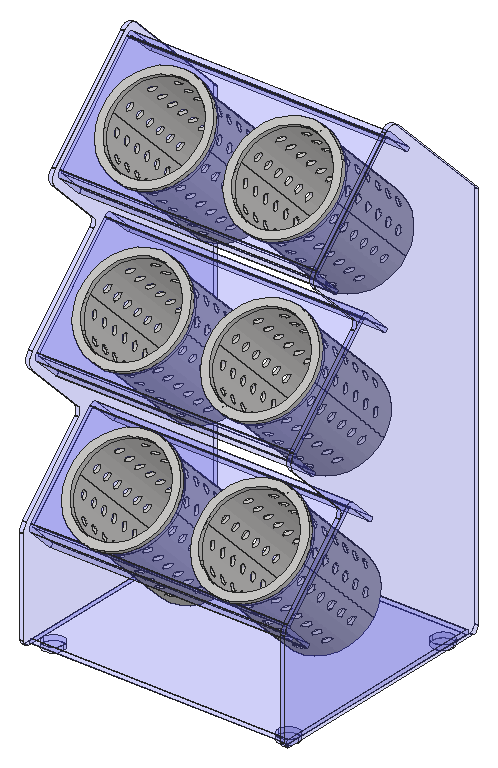
Revit family "QF_Vollrath_FWVH-3X2B", category Specialty Equipment, Revit 2016
Family settings
  Part Type = Normal
  Round Connector Dimension = Use Diameter
  OmniClass Number = 23.40.40.14.24
  OmniClass Title = Food Dispensing Equipment
  Work Plane-Based = Yes
  Always vertical = Yes
  Cut with Voids When Loaded = No
  Shared = No
  Room Calculation Point = No
Parameters
  Weight in Pounds = 0
  Watermarked By = ""
  URL Cutsheet = ""
  URL = "www.vollrath.com"
  Specification by User [instance] = ""
  Specification by Manufacturer [instance] = ""
  Serial Number [instance] = ""
  Revision Code [instance] = ""
  NAFEM Spec ID Number [instance] = ""
  Model = "FWVH-3X2B"
  Material = QF_Glass-Cast-Clear
  Masterspec [instance] = ""
  Manufacturer = "Vollrath"
  Item Number [instance] = "-"
  Installed By [instance] = ""
  Furnished By [instance] = ""
  Foodservice Equipment Identifier = yes
  Description = "Flatware Holder"
  Default Elevation = 48.00"
  CSI MasterFormat = ""
Reference planes (in)
  plane 1 "BACK": y = 0
  plane 2 "BOTTOM": z = 0
  plane 3 "LEFT": x = -16.56573
  plane 4 "RIGHT": x = -5.40573
  plane 5 "FRONT": y = -10.17
  plane 6 "BASE TOP": z = 0.2263
  plane 7 "TOP": z = 21.3263
  plane 8 "INSIDE LEFT": x = -16.39573
  plane 9: x = -5.57573
  plane 10: z = 4.7477
  plane 11: z = 4.7477
  plane 12: x = -10.98573
  plane 13: x = -13.69073
  plane 14: x = -8.28073
Forms (in)
  Extrusion 1, solid, material "QF_Glass-Cast-Clear" <- "Material"
    sketch origin (0, 0, 0) x (1, 0, 0) y (0, 1, 0)
      loop
        circle (-15.93026, -9.1882) r 0.44
      loop
        circle (-15.93026, -1.0632) r 0.44
      loop
        circle (-6.04119, -9.1882) r 0.44
      loop
        circle (-6.04119, -1.0632) r 0.44
    from 0 to 0.2263
  Extrusion 2, solid, material "QF_Glass-Cast-Clear" <- "Material"
    sketch origin (-16.56573, 0, 0) x (0, 1, 0) y (0, 0, 1)
      loop
        line (-9.92, 0.2263) -> (-0.25, 0.2263)
        arc (-0.25, 0.2263) -> (-0.07322, 0.29952) -> (0, 0.4763) r 0.25
        line (0, 0.4763) -> (0, 16.9286)
        arc (0, 16.9286) -> (-0.01141, 16.98596) -> (-0.04391, 17.0346) r 0.14991
        line (-0.04391, 17.0346) -> (-4.18916, 21.17985)
        arc (-4.18916, 21.17985) -> (-4.54272, 21.3263) -> (-4.89627, 21.17985) r 0.5
        line (-4.89627, 21.17985) -> (-8.50871, 17.56741)
        arc (-8.50871, 17.56741) -> (-8.65516, 17.21386) -> (-8.50871, 16.86031) r 0.5
        line (-8.50871, 16.86031) -> (-6.48726, 14.83886)
        arc (-6.48726, 14.83886) -> (-6.40232, 14.6338) -> (-6.48726, 14.42873) r 0.29
        line (-6.48726, 14.42873) -> (-9.71167, 11.20433)
        arc (-9.71167, 11.20433) -> (-9.85811, 10.85077) -> (-9.71167, 10.49722) r 0.5
        line (-9.71167, 10.49722) -> (-7.30169, 8.08724)
        arc (-7.30169, 8.08724) -> (-7.21675, 7.88394) -> (-7.29921, 7.67963) r 0.29
        line (-7.29921, 7.67963) -> (-10.02355, 4.88824)
        arc (-10.02355, 4.88824) -> (-10.13194, 4.72602) -> (-10.17, 4.53468) r 0.5
        line (-10.17, 4.53468) -> (-10.17, 0.4763)
        arc (-10.17, 0.4763) -> (-10.09678, 0.29952) -> (-9.92, 0.2263) r 0.25
    from 0 to 0.17
  Extrusion 3, solid, material "QF_Glass-Cast-Clear" <- "Material"
    sketch origin (-10.95573, 0, 0) x (0, 1, 0) y (0, 0, 1)
      loop
        line (-9.92, 0.2263) -> (-0.25, 0.2263)
        arc (-0.25, 0.2263) -> (-0.07322, 0.29952) -> (0, 0.4763) r 0.25
        line (0, 0.4763) -> (0, 16.9286)
        arc (0, 16.9286) -> (-0.01141, 16.98596) -> (-0.04391, 17.0346) r 0.14991
        line (-0.04391, 17.0346) -> (-4.18916, 21.17985)
        arc (-4.18916, 21.17985) -> (-4.54272, 21.3263) -> (-4.89627, 21.17985) r 0.5
        line (-4.89627, 21.17985) -> (-8.50871, 17.56741)
        arc (-8.50871, 17.56741) -> (-8.65516, 17.21386) -> (-8.50871, 16.86031) r 0.5
        line (-8.50871, 16.86031) -> (-6.48726, 14.83886)
        arc (-6.48726, 14.83886) -> (-6.40232, 14.6338) -> (-6.48726, 14.42873) r 0.29
        line (-6.48726, 14.42873) -> (-9.71167, 11.20433)
        arc (-9.71167, 11.20433) -> (-9.85811, 10.85077) -> (-9.71167, 10.49722) r 0.5
        line (-9.71167, 10.49722) -> (-7.30169, 8.08724)
        arc (-7.30169, 8.08724) -> (-7.21675, 7.88394) -> (-7.29921, 7.67963) r 0.29
        line (-7.29921, 7.67963) -> (-10.02355, 4.88824)
        arc (-10.02355, 4.88824) -> (-10.13194, 4.72602) -> (-10.17, 4.53468) r 0.5
        line (-10.17, 4.53468) -> (-10.17, 0.4763)
        arc (-10.17, 0.4763) -> (-10.09678, 0.29952) -> (-9.92, 0.2263) r 0.25
    from 5.38 to 5.55
  Extrusion 4, solid, material "QF_Glass-Cast-Clear" <- "Material"
    sketch origin (-16.39573, 0, 0) x (0, 1, 0) y (0, 0, 1)
      loop
        arc (-0.3895, 0.2263) -> (-0.29807, 0.31773) -> (-0.3895, 0.40916) r 0.09143
        line (-0.3895, 0.40916) -> (-9.78, 0.40916)
        arc (-9.78, 0.40916) -> (-9.87143, 0.31773) -> (-9.78, 0.2263) r 0.09143
        line (-9.78, 0.2263) -> (-0.3895, 0.2263)
    from 0 to 10.82
  Extrusion 5, solid, material "QF_Glass-Cast-Clear" <- "Material"
    sketch origin (-16.39573, 0, 0) x (0, 1, 0) y (0, 0, 1)
      loop
        line (-3.4467, 19.98484) -> (-4.41544, 20.95358)
        arc (-4.41544, 20.95358) -> (-4.59221, 21.0268) -> (-4.76899, 20.95358) r 0.25
        line (-4.76899, 20.95358) -> (-8.28244, 17.44013)
        arc (-8.28244, 17.44013) -> (-8.35566, 17.26336) -> (-8.28244, 17.08658) r 0.25
        line (-8.28244, 17.08658) -> (-7.3137, 16.11784)
        arc (-7.3137, 16.11784) -> (-7.18642, 16.11784) -> (-7.18642, 16.24512) r 0.09
        line (-7.18642, 16.24512) -> (-8.15516, 17.21386)
        arc (-8.15516, 17.21386) -> (-8.17566, 17.26336) -> (-8.15516, 17.31285) r 0.07
        line (-8.15516, 17.31285) -> (-4.64171, 20.8263)
        arc (-4.64171, 20.8263) -> (-4.59221, 20.8468) -> (-4.54272, 20.8263) r 0.07
        line (-4.54272, 20.8263) -> (-3.57398, 19.85756)
        arc (-3.57398, 19.85756) -> (-3.4467, 19.85756) -> (-3.4467, 19.98484) r 0.09
      loop
        line (-9.48539, 10.72349) -> (-8.51666, 9.75476)
        arc (-8.51666, 9.75476) -> (-8.38938, 9.75476) -> (-8.38938, 9.88204) r 0.09
        line (-8.38938, 9.88204) -> (-9.35811, 10.85077)
        arc (-9.35811, 10.85077) -> (-9.37862, 10.90027) -> (-9.35811, 10.94977) r 0.07
        line (-9.35811, 10.94977) -> (-5.80137, 14.50652)
        arc (-5.80137, 14.50652) -> (-5.75187, 14.52702) -> (-5.70237, 14.50652) r 0.07
        line (-5.70237, 14.50652) -> (-4.73364, 13.53778)
        arc (-4.73364, 13.53778) -> (-4.60636, 13.53778) -> (-4.60636, 13.66506) r 0.09
        line (-4.60636, 13.66506) -> (-5.57509, 14.6338)
        arc (-5.57509, 14.6338) -> (-5.75187, 14.70702) -> (-5.92865, 14.6338) r 0.25
        line (-5.92865, 14.6338) -> (-9.48539, 11.07705)
        arc (-9.48539, 11.07705) -> (-9.55862, 10.90027) -> (-9.48539, 10.72349) r 0.25
      loop
        line (-9.79728, 4.4074) -> (-8.82854, 3.43867)
        arc (-8.82854, 3.43867) -> (-8.70126, 3.43867) -> (-8.70126, 3.56595) r 0.09
        line (-8.70126, 3.56595) -> (-9.67, 4.53468)
        arc (-9.67, 4.53468) -> (-9.6905, 4.58418) -> (-9.67, 4.63368) r 0.07
        line (-9.67, 4.63368) -> (-6.58229, 7.72139)
        arc (-6.58229, 7.72139) -> (-6.53279, 7.74189) -> (-6.48329, 7.72139) r 0.07
        line (-6.48329, 7.72139) -> (-5.51455, 6.75266)
        arc (-5.51455, 6.75266) -> (-5.38728, 6.75266) -> (-5.38728, 6.87994) r 0.09
        line (-5.38728, 6.87994) -> (-6.35601, 7.84867)
        arc (-6.35601, 7.84867) -> (-6.53279, 7.92189) -> (-6.70956, 7.84867) r 0.25
        line (-6.70956, 7.84867) -> (-9.79728, 4.76096)
        arc (-9.79728, 4.76096) -> (-9.8705, 4.58418) -> (-9.79728, 4.4074) r 0.25
    from 0 to 10.82
  Extrusion 6, void
    sketch origin (-16.39573, -4.59221, 20.8758) x (0, 0.707107, 0.707107) y (-1, 0, 0)
      loop
        circle (-2.60876, -2.705) r 2.1875
    from 0.18 to -0.52411
  Extrusion 7, void
    sketch origin (-16.39573, -5.77352, 14.53436) x (0, 0.707107, 0.707107) y (-1, 0, 0)
      loop
        circle (-2.60876, -2.705) r 2.1875
    from 0.18 to -0.52411
  Extrusion 8, void
    sketch origin (-16.39573, -6.31992, 7.98376) x (0, 0.707107, 0.707107) y (-1, 0, 0)
      loop
        circle (-2.60876, -2.705) r 2.1875
    from 0.18 to -0.52411
  Extrusion 9, void
    sketch origin (-5.57573, -4.59221, 20.8758) x (0, 0.707107, 0.707107) y (-1, 0, 0)
      loop
        circle (-2.60876, 2.705) r 2.1875
    from 0.18 to -0.52411
  Extrusion 10, void
    sketch origin (-5.57573, -5.77352, 14.53436) x (0, 0.707107, 0.707107) y (-1, 0, 0)
      loop
        circle (-2.60876, 2.705) r 2.1875
    from 0.18 to -0.52411
  Extrusion 11, void
    sketch origin (-5.57573, -6.31992, 7.98376) x (0, 0.707107, 0.707107) y (-1, 0, 0)
      loop
        circle (-2.60876, 2.705) r 2.1875
    from 0.18 to -0.52411
Cuts and joins
  Extrusion 6, Extrusion 7, Extrusion 8, Extrusion 9, Extrusion 10, Extrusion 11 cuts Extrusion 5
Lines and regions (in)
  symbolic lines
    curve 1: line (-16.56573, 0, 0) -> (-16.39573, 0, 0)
    curve 2: line (-16.56573, -10.17, 0) -> (-16.56573, 0, 0)
    curve 3: line (-16.39573, -10.17, 0) -> (-16.56573, -10.17, 0)
    curve 4: line (-16.39573, 0, 0) -> (-16.39573, -10.17, 0)
    curve 5: line (-5.57573, 0, 0) -> (-5.40573, 0, 0)
    curve 6: line (-5.57573, -10.17, 0) -> (-5.57573, 0, 0)
    curve 7: line (-5.40573, -10.17, 0) -> (-5.57573, -10.17, 0)
    curve 8: line (-5.40573, 0, 0) -> (-5.40573, -10.17, 0)
    curve 9: line (-16.39573, -9.87632, 0) -> (-5.57573, -9.87632, 0)
    curve 22: line (-16.39573, -0.25, 0) -> (-5.57573, -0.25, 0)
  symbolic lines, style "QF_Details_Surface"
    curve 10: spline (-13.69073, -5.14995, 0) -> (-14.25689, -5.20266, 0) -> (-14.78448, -5.35718, 0) -> (-15.23752, -5.603, 0) -> (-15.58516, -5.92335, 0) -> (-15.80369, -6.29641, 0) -> (-15.87823, -6.69675, 0) -> (-15.80369, -7.09709, 0) -> (-15.58516, -7.47015, 0) -> (-15.23752, -7.7905, 0) -> (-14.78448, -8.03631, 0) -> (-14.25689, -8.19084, 0) -> (-13.69073, -8.24355, 0)
    curve 11: spline (-13.69073, -8.24355, 0) -> (-13.12456, -8.19084, 0) -> (-12.59698, -8.03631, 0) -> (-12.14393, -7.7905, 0) -> (-11.79629, -7.47015, 0) -> (-11.57776, -7.09709, 0) -> (-11.50323, -6.69675, 0) -> (-11.57776, -6.29641, 0) -> (-11.79629, -5.92335, 0) -> (-12.14393, -5.603, 0) -> (-12.59698, -5.35718, 0) -> (-13.12456, -5.20266, 0) -> (-13.69073, -5.14995, 0)
    curve 12: spline (-13.69073, -6.33126, 0) -> (-14.25689, -6.38397, 0) -> (-14.78448, -6.53849, 0) -> (-15.23752, -6.78431, 0) -> (-15.58516, -7.10466, 0) -> (-15.80369, -7.47772, 0) -> (-15.87823, -7.87806, 0) -> (-15.80369, -8.2784, 0) -> (-15.58516, -8.65145, 0) -> (-15.23752, -8.97181, 0) -> (-14.78448, -9.21762, 0) -> (-14.25689, -9.37215, 0) -> (-13.69073, -9.42485, 0)
    curve 13: spline (-13.69073, -9.42485, 0) -> (-13.12456, -9.37215, 0) -> (-12.59698, -9.21762, 0) -> (-12.14393, -8.97181, 0) -> (-11.79629, -8.65145, 0) -> (-11.57776, -8.2784, 0) -> (-11.50323, -7.87806, 0) -> (-11.57776, -7.47772, 0) -> (-11.79629, -7.10466, 0) -> (-12.14393, -6.78431, 0) -> (-12.59698, -6.53849, 0) -> (-13.12456, -6.38397, 0) -> (-13.69073, -6.33126, 0)
    curve 14: spline (-13.69073, -9.83867, 0) -> (-14.25689, -9.78597, 0) -> (-14.78448, -9.63144, 0) -> (-15.23752, -9.38563, 0) -> (-15.58516, -9.06527, 0) -> (-15.80369, -8.69222, 0) -> (-15.87823, -8.29188, 0) -> (-15.80369, -7.89153, 0) -> (-15.58516, -7.51848, 0) -> (-15.23752, -7.19813, 0) -> (-14.78448, -6.95231, 0) -> (-14.25689, -6.79778, 0) -> (-13.69073, -6.74508, 0)
    curve 15: spline (-13.69073, -6.74508, 0) -> (-13.12456, -6.79778, 0) -> (-12.59698, -6.95231, 0) -> (-12.14393, -7.19813, 0) -> (-11.79629, -7.51848, 0) -> (-11.57776, -7.89153, 0) -> (-11.50323, -8.29188, 0) -> (-11.57776, -8.69222, 0) -> (-11.79629, -9.06527, 0) -> (-12.14393, -9.38563, 0) -> (-12.59698, -9.63144, 0) -> (-13.12456, -9.78597, 0) -> (-13.69073, -9.83867, 0)
    curve 16: spline (-8.28073, -5.14995, 0) -> (-7.71456, -5.20266, 0) -> (-7.18698, -5.35718, 0) -> (-6.73393, -5.603, 0) -> (-6.38629, -5.92335, 0) -> (-6.16776, -6.29641, 0) -> (-6.09323, -6.69675, 0) -> (-6.16776, -7.09709, 0) -> (-6.38629, -7.47015, 0) -> (-6.73393, -7.7905, 0) -> (-7.18698, -8.03631, 0) -> (-7.71456, -8.19084, 0) -> (-8.28073, -8.24355, 0)
    curve 17: spline (-8.28073, -8.24355, 0) -> (-8.84689, -8.19084, 0) -> (-9.37448, -8.03631, 0) -> (-9.82752, -7.7905, 0) -> (-10.17516, -7.47015, 0) -> (-10.39369, -7.09709, 0) -> (-10.46823, -6.69675, 0) -> (-10.39369, -6.29641, 0) -> (-10.17516, -5.92335, 0) -> (-9.82752, -5.603, 0) -> (-9.37448, -5.35718, 0) -> (-8.84689, -5.20266, 0) -> (-8.28073, -5.14995, 0)
    curve 18: spline (-8.28073, -6.33126, 0) -> (-7.71456, -6.38397, 0) -> (-7.18698, -6.53849, 0) -> (-6.73393, -6.78431, 0) -> (-6.38629, -7.10466, 0) -> (-6.16776, -7.47772, 0) -> (-6.09323, -7.87806, 0) -> (-6.16776, -8.2784, 0) -> (-6.38629, -8.65145, 0) -> (-6.73393, -8.97181, 0) -> (-7.18698, -9.21762, 0) -> (-7.71456, -9.37215, 0) -> (-8.28073, -9.42485, 0)
    curve 19: spline (-8.28073, -9.42485, 0) -> (-8.84689, -9.37215, 0) -> (-9.37448, -9.21762, 0) -> (-9.82752, -8.97181, 0) -> (-10.17516, -8.65145, 0) -> (-10.39369, -8.2784, 0) -> (-10.46823, -7.87806, 0) -> (-10.39369, -7.47772, 0) -> (-10.17516, -7.10466, 0) -> (-9.82752, -6.78431, 0) -> (-9.37448, -6.53849, 0) -> (-8.84689, -6.38397, 0) -> (-8.28073, -6.33126, 0)
    curve 20: spline (-8.28073, -9.83867, 0) -> (-7.71456, -9.78597, 0) -> (-7.18698, -9.63144, 0) -> (-6.73393, -9.38563, 0) -> (-6.38629, -9.06527, 0) -> (-6.16776, -8.69222, 0) -> (-6.09323, -8.29188, 0) -> (-6.16776, -7.89153, 0) -> (-6.38629, -7.51848, 0) -> (-6.73393, -7.19813, 0) -> (-7.18698, -6.95231, 0) -> (-7.71456, -6.79778, 0) -> (-8.28073, -6.74508, 0)
    curve 21: spline (-8.28073, -6.74508, 0) -> (-8.84689, -6.79778, 0) -> (-9.37448, -6.95231, 0) -> (-9.82752, -7.19813, 0) -> (-10.17516, -7.51848, 0) -> (-10.39369, -7.89153, 0) -> (-10.46823, -8.29188, 0) -> (-10.39369, -8.69222, 0) -> (-10.17516, -9.06527, 0) -> (-9.82752, -9.38563, 0) -> (-9.37448, -9.63144, 0) -> (-8.84689, -9.78597, 0) -> (-8.28073, -9.83867, 0)
Dimensions and locks (in)
  plane 3 "LEFT" to plane 4 "RIGHT" = 11.16"
  plane 5 "FRONT" to plane 1 "BACK" = 10.17"
  locked: plane 6 "BASE TOP" to level at 0.2263
  plane 7 "TOP" to plane 6 "BASE TOP" = 21.10"
  locked: plane 3 "LEFT" to plane 8 "INSIDE LEFT" at 0.17
  locked: plane 9 to plane 4 "RIGHT" at 0.17
  locked: plane 10 to level at 4.7477
  equal spacing: plane 3 "LEFT", plane 12, plane 4 "RIGHT"
  equal spacing: plane 8 "INSIDE LEFT", plane 13, plane 12
  equal spacing: plane 12, plane 14, plane 9
  radius of Extrusion 1 sketch curve = 0.44"
  aligned and locked: level to plane 2 "BOTTOM"
  aligned and locked: plane 6 "BASE TOP" to Extrusion 1
  aligned and locked: plane 8 "INSIDE LEFT" to Extrusion 2
  aligned and locked: plane 4 "RIGHT" to Extrusion 3
  aligned and locked: Extrusion 3 to plane 9
  aligned and locked: plane 9 to Extrusion 4
  aligned and locked: curve 1 to Extrusion 2
  aligned and locked: curve 2 to Extrusion 2
  aligned and locked: curve 3 to Extrusion 2
  aligned and locked: curve 4 to Extrusion 2
  aligned and locked: curve 5 to Extrusion 3
  aligned and locked: curve 6 to Extrusion 3
  aligned and locked: curve 7 to Extrusion 3
  aligned and locked: curve 8 to Extrusion 3
  aligned and locked: plane 9 to cut or joined group of Extrusion 5, Extrusion 6, Extrusion 7, Extrusion 8, Extrusion 9, Extrusion 10, Extrusion 11
Automatic sketch dimensions
  Extrusion 5 sketch curve to Extrusion 5 sketch curve = 0.00"  (x18)
  plane 5 "FRONT" to Extrusion 5 sketch curve = 0.37272"
  Extrusion 5 sketch curve to Extrusion 5 sketch curve = 0.12728"  (x13)
  Extrusion 5 sketch curve to Extrusion 5 sketch curve = 0.0495"  (x14)
  plane 5 "FRONT" to Extrusion 5 sketch curve = 0.68461"
  plane 5 "FRONT" to Extrusion 5 sketch curve = 1.34146"
  Extrusion 5 sketch curve to Extrusion 5 sketch curve = 0.06364"  (x17)
  Extrusion 5 sketch curve to Extrusion 5 sketch curve = 0.96874"  (x10)
  plane 5 "FRONT" to Extrusion 5 sketch curve = 1.88756"
  Extrusion 5 sketch curve to Extrusion 5 sketch curve = 1.80709"
  Extrusion 5 sketch curve to Extrusion 5 sketch curve = 1.38505"
  Extrusion 5 sketch curve to plane 7 "TOP" = 0.37272"  (x2)
  plane 1 "BACK" to Extrusion 5 sketch curve = 4.76899"
  Extrusion 5 sketch curve to plane 7 "TOP" = 0.50"  (x2)
  Extrusion 5 sketch curve to plane 7 "TOP" = 1.46874"
  Extrusion 5 sketch curve to plane 7 "TOP" = 1.34146"
  Extrusion 5 sketch curve to plane 7 "TOP" = 3.88617"
  Extrusion 5 sketch curve to Extrusion 5 sketch curve = 1.48405"
  Extrusion 5 sketch curve to Extrusion 5 sketch curve = 3.55675"
  Extrusion 5 sketch curve to Extrusion 5 sketch curve = 2.03337"
  Extrusion 5 sketch curve to Extrusion 5 sketch curve = 3.08771"
  Extrusion 7 sketch curve to Extrusion 7 sketch curve = 0.00"  (x2)
  Extrusion 7 sketch curve to plane 13 = 0.00"
  Extrusion 7 sketch curve to Extrusion 7 sketch curve = 2.1875"
  Extrusion 8 sketch curve to Extrusion 8 sketch curve = 0.00"  (x2)
  Extrusion 8 sketch curve to plane 13 = 0.00"
  Extrusion 8 sketch curve to Extrusion 8 sketch curve = 2.1875"
  Extrusion 10 sketch curve to Extrusion 10 sketch curve = 0.00"  (x2)
  Extrusion 10 sketch curve to plane 14 = 0.00"
  Extrusion 10 sketch curve to Extrusion 10 sketch curve = 2.1875"
  Extrusion 11 sketch curve to Extrusion 11 sketch curve = 0.00"  (x2)
  Extrusion 11 sketch curve to plane 14 = 0.00"
  Extrusion 11 sketch curve to Extrusion 11 sketch curve = 2.1875"
  plane 8 "INSIDE LEFT" to Extrusion 1 sketch curve = 0.46546"  (x2)
  Extrusion 1 sketch curve to plane 9 = 0.46546"  (x2)
  plane 5 "FRONT" to Extrusion 1 sketch curve = 0.9818"  (x2)
  plane 1 "BACK" to Extrusion 1 sketch curve = 1.0632"  (x2)
  Extrusion 2 sketch curve to plane 5 "FRONT" = 0.00"
  Extrusion 2 sketch curve to plane 6 "BASE TOP" = 0.00"
  Extrusion 2 sketch curve to plane 1 "BACK" = 0.00"
  plane 5 "FRONT" to Extrusion 2 sketch curve = 0.14645"
  plane 5 "FRONT" to Extrusion 2 sketch curve = 0.25"
  plane 5 "FRONT" to Extrusion 2 sketch curve = 0.45833"  (x2)
  Extrusion 2 sketch curve to plane 10 = 0.21302"
  plane 5 "FRONT" to Extrusion 2 sketch curve = 0.50"
  Extrusion 2 sketch curve to Extrusion 2 sketch curve = 0.35355"  (x6)
  plane 5 "FRONT" to Extrusion 2 sketch curve = 1.66129"
  Extrusion 2 sketch curve to Extrusion 2 sketch curve = 0.00"
  plane 5 "FRONT" to Extrusion 2 sketch curve = 2.66325"
  Extrusion 2 sketch curve to Extrusion 2 sketch curve = 0.20506"  (x4)
  Extrusion 2 sketch curve to Extrusion 2 sketch curve = 0.20754"
  Extrusion 2 sketch curve to Extrusion 2 sketch curve = 1.81639"
  Extrusion 2 sketch curve to plane 7 "TOP" = 0.14645"  (x2)
  plane 1 "BACK" to Extrusion 2 sketch curve = 4.89627"
  plane 1 "BACK" to Extrusion 2 sketch curve = 0.25"
  plane 1 "BACK" to Extrusion 2 sketch curve = 0.14991"
  plane 1 "BACK" to Extrusion 2 sketch curve = 0.04391"
  plane 10 to Extrusion 2 sketch curve = 2.93193"
  Extrusion 2 sketch curve to Extrusion 2 sketch curve = 0.20255"
  Extrusion 2 sketch curve to Extrusion 2 sketch curve = 2.40998"
  Extrusion 2 sketch curve to Extrusion 2 sketch curve = 3.22441"
  Extrusion 2 sketch curve to Extrusion 2 sketch curve = 2.02145"
  Extrusion 2 sketch curve to plane 7 "TOP" = 4.3977"
  Extrusion 3 sketch curve to plane 5 "FRONT" = 0.00"
  Extrusion 3 sketch curve to plane 6 "BASE TOP" = 0.00"
  Extrusion 3 sketch curve to plane 1 "BACK" = 0.00"
  plane 5 "FRONT" to Extrusion 3 sketch curve = 0.14645"
  plane 5 "FRONT" to Extrusion 3 sketch curve = 0.25"
  plane 5 "FRONT" to Extrusion 3 sketch curve = 0.45833"  (x2)
  Extrusion 3 sketch curve to plane 11 = 0.21302"
  Extrusion 3 sketch curve to Extrusion 3 sketch curve = 0.35355"  (x6)
  plane 5 "FRONT" to Extrusion 3 sketch curve = 1.66129"
  Extrusion 3 sketch curve to Extrusion 3 sketch curve = 0.00"
  plane 5 "FRONT" to Extrusion 3 sketch curve = 2.66325"
  Extrusion 3 sketch curve to Extrusion 3 sketch curve = 0.20506"  (x4)
  Extrusion 3 sketch curve to Extrusion 3 sketch curve = 0.20754"
  Extrusion 3 sketch curve to Extrusion 3 sketch curve = 1.81639"
  Extrusion 3 sketch curve to plane 7 "TOP" = 0.14645"  (x2)
  plane 1 "BACK" to Extrusion 3 sketch curve = 4.89627"
  plane 1 "BACK" to Extrusion 3 sketch curve = 0.25"
  plane 1 "BACK" to Extrusion 3 sketch curve = 0.14991"
  plane 1 "BACK" to Extrusion 3 sketch curve = 0.04391"
  plane 11 to Extrusion 3 sketch curve = 2.93193"
  Extrusion 3 sketch curve to Extrusion 3 sketch curve = 0.20255"
  Extrusion 3 sketch curve to Extrusion 3 sketch curve = 2.40998"
  Extrusion 3 sketch curve to Extrusion 3 sketch curve = 3.22441"
  Extrusion 3 sketch curve to Extrusion 3 sketch curve = 2.02145"
  Extrusion 3 sketch curve to plane 7 "TOP" = 4.3977"
  Extrusion 3 sketch curve to plane 7 "TOP" = 0.50"
  Extrusion 4 sketch curve to plane 6 "BASE TOP" = 0.00"
  plane 5 "FRONT" to Extrusion 4 sketch curve = 0.39"
  plane 6 "BASE TOP" to Extrusion 4 sketch curve = 0.18286"
  plane 1 "BACK" to Extrusion 4 sketch curve = 0.3895"
  Extrusion 6 sketch curve to Extrusion 6 sketch curve = 0.00"  (x2)
  Extrusion 6 sketch curve to Extrusion 5 = 2.43"
  Extrusion 6 sketch curve to Extrusion 5 = 2.705"
  Extrusion 6 sketch curve to Extrusion 5 = 0.2425"
  Extrusion 9 sketch curve to Extrusion 9 sketch curve = 0.00"  (x2)
  Extrusion 9 sketch curve to Extrusion 5 = 2.43"
  Extrusion 9 sketch curve to Extrusion 5 = 2.705"
  Extrusion 9 sketch curve to Extrusion 5 = 0.2425"
  curve 15 to plane 13 = 0.00"
  curve 13 to plane 13 = 0.00"
  curve 10 to plane 13 = 0.00"
  curve 20 to plane 14 = 0.00"
  curve 16 to plane 14 = 0.00"
  curve 18 to plane 14 = 0.00"
  curve 12 to plane 12 = 0.5175"
  curve 11 to plane 12 = 0.5175"
  curve 10 to curve 11 = 0.00"
  curve 13 to curve 12 = 0.00"
  curve 14 to curve 12 = 0.00"
  curve 15 to curve 14 = 0.00"
  plane 12 to curve 18 = 0.5175"
  plane 12 to curve 16 = 0.5175"
  curve 19 to curve 18 = 0.00"
  curve 20 to curve 18 = 0.00"
  curve 21 to curve 20 = 0.00"
  curve 17 to curve 16 = 0.00"
  plane 5 "FRONT" to curve 9 = 0.29368"
  plane 5 "FRONT" to curve 15 = 0.33133"
  plane 5 "FRONT" to curve 21 = 0.33133"
  curve 14 to curve 12 = 0.41382"  (x2)
  curve 20 to curve 19 = 0.41382"  (x2)
  plane 5 "FRONT" to curve 15 = 1.87812"
  curve 14 to curve 21 = 0.00"
  curve 14 to curve 10 = 0.04833"  (x2)
  curve 20 to curve 17 = 0.04833"
  curve 20 to curve 16 = 0.04833"
  plane 1 "BACK" to curve 22 = 0.25"
  radius of Extrusion 1 sketch curve = 0.44"  (x3)
Nested families (in)
  nested 1: "QF_Vollrath_Flatware Cylinder-1" at (-13.69073, -18.2779, 7.44467) x (0, -0.7071, -0.7071) z (0, -0.7071, 0.7071), type "QF_Vollrath_Flatware Cylinder-1"
    with Outer Lid Radius 2.1875", Material QF_Stainless-Polished, Lower Outer Radius 2.00", Inner Radius 1.875"
  nested 2: "QF_Vollrath_Flatware Cylinder-1" at (-13.69073, -19.45921, 1.10323) x (0, -0.7071, -0.7071) z (0, -0.7071, 0.7071), type "QF_Vollrath_Flatware Cylinder-1"
    with Outer Lid Radius 2.1875", Material QF_Stainless-Polished, Lower Outer Radius 2.00", Inner Radius 1.875"
  nested 3: "QF_Vollrath_Flatware Cylinder-1" at (-13.69073, -20.00561, -5.44738) x (0, -0.7071, -0.7071) z (0, -0.7071, 0.7071), type "QF_Vollrath_Flatware Cylinder-1"
    with Outer Lid Radius 2.1875", Material QF_Stainless-Polished, Lower Outer Radius 2.00", Inner Radius 1.875"
  nested 4: "QF_Vollrath_Flatware Cylinder-1" at (-8.28073, -18.2779, 7.44467) x (0, -0.7071, -0.7071) z (0, -0.7071, 0.7071), type "QF_Vollrath_Flatware Cylinder-1"
    with Outer Lid Radius 2.1875", Material QF_Stainless-Polished, Lower Outer Radius 2.00", Inner Radius 1.875"
  nested 5: "QF_Vollrath_Flatware Cylinder-1" at (-8.28073, -19.45921, 1.10323) x (0, -0.7071, -0.7071) z (0, -0.7071, 0.7071), type "QF_Vollrath_Flatware Cylinder-1"
    with Outer Lid Radius 2.1875", Material QF_Stainless-Polished, Lower Outer Radius 2.00", Inner Radius 1.875"
  nested 6: "QF_Vollrath_Flatware Cylinder-1" at (-8.28073, -20.00561, -5.44738) x (0, -0.7071, -0.7071) z (0, -0.7071, 0.7071), type "QF_Vollrath_Flatware Cylinder-1"
    with Outer Lid Radius 2.1875", Material QF_Stainless-Polished, Lower Outer Radius 2.00", Inner Radius 1.875"
Definition of nested family "QF_Vollrath_Flatware Cylinder-1"
  Parameters
    Watermarked By = ""
    Outer Lid Radius [instance] = Inner Radius + 0.3125"  # 2.1875"
    Material [instance] = none
    Lower Outer Radius [instance] = Inner Radius + 0.125"  # 2.00"
    Inner Radius [instance] = 1.875"
    Default Elevation = 48.00"
  Reference planes (in)
    plane 1 "BACK": y = 0
    plane 2: z = 0
    plane 3 "LEFT": x = -16.56573
    plane 4 "TOP": z = 0.1875
    plane 5 "BOTTOM": z = -5.4504
  Forms (in)
    Extrusion 1, solid, material <- "Material"
      sketch origin (0, 0, 0) x (1, 0, 0) y (0, 1, 0)
        loop
          circle (-16.56573, 0) r 2.1875
        loop
          circle (-16.56573, 0) r 1.875
      from 0 to 0.1875
    Extrusion 2, solid, material <- "Material"
      sketch origin (0, 0, -5.4504) x (0, 1, 0) y (-1, 0, 0)
        loop
          circle (0, 16.56573) r 1.875
        loop
          circle (0, 16.56573) r 2
      from 0 to 5.4504
    Extrusion 3, solid, material <- "Material"
      sketch origin (0, 0, -5.4504) x (0, 1, 0) y (-1, 0, 0)
        loop
          circle (0, 16.56573) r 1.875
      from 0 to 0.125
    Extrusion 4, void
      sketch origin (-0.56446, -4.28753, 0) x (0.965926, -0.258819, 0) y (0, 0, 1)
        loop
          circle (-16.56573, -0.6875) r 0.1875
        loop
          circle (-16.56573, -1.4375) r 0.1875
        loop
          circle (-16.56573, -2.1875) r 0.1875
        loop
          circle (-16.56573, -2.9375) r 0.1875
        loop
          circle (-16.56573, -3.6875) r 0.1875
        loop
          circle (-16.56573, -4.4375) r 0.1875
      from -12 to 12
    Extrusion 5, void
      sketch origin (-4.85199, -11.71374, 0) x (0.707107, -0.707107, 0) y (0, 0, 1)
        loop
          circle (-16.56573, -0.6875) r 0.1875
        loop
          circle (-16.56573, -1.4375) r 0.1875
        loop
          circle (-16.56573, -2.1875) r 0.1875
        loop
          circle (-16.56573, -2.9375) r 0.1875
        loop
          circle (-16.56573, -3.6875) r 0.1875
        loop
          circle (-16.56573, -4.4375) r 0.1875
      from -12 to 12
    Extrusion 6, void
      sketch origin (-12.2782, -16.00126, 0) x (0.258819, -0.965926, 0) y (0, 0, 1)
        loop
          circle (-16.56573, -0.6875) r 0.1875
        loop
          circle (-16.56573, -1.4375) r 0.1875
        loop
          circle (-16.56573, -2.1875) r 0.1875
        loop
          circle (-16.56573, -2.9375) r 0.1875
        loop
          circle (-16.56573, -3.6875) r 0.1875
        loop
          circle (-16.56573, -4.4375) r 0.1875
      from -12 to 12
    Extrusion 7, void
      sketch origin (-20.85325, -16.00126, 0) x (-0.258819, -0.965926, 0) y (0, 0, 1)
        loop
          circle (-16.56573, -0.6875) r 0.1875
        loop
          circle (-16.56573, -1.4375) r 0.1875
        loop
          circle (-16.56573, -2.1875) r 0.1875
        loop
          circle (-16.56573, -2.9375) r 0.1875
        loop
          circle (-16.56573, -3.6875) r 0.1875
        loop
          circle (-16.56573, -4.4375) r 0.1875
      from -12 to 12
    Extrusion 8, void
      sketch origin (-28.27946, -11.71374, 0) x (-0.707107, -0.707107, 0) y (0, 0, 1)
        loop
          circle (-16.56573, -0.6875) r 0.1875
        loop
          circle (-16.56573, -1.4375) r 0.1875
        loop
          circle (-16.56573, -2.1875) r 0.1875
        loop
          circle (-16.56573, -2.9375) r 0.1875
        loop
          circle (-16.56573, -3.6875) r 0.1875
        loop
          circle (-16.56573, -4.4375) r 0.1875
      from -12 to 12
    Extrusion 9, void
      sketch origin (-32.56699, -4.28753, 0) x (-0.965926, -0.258819, 0) y (0, 0, 1)
        loop
          circle (-16.56573, -0.6875) r 0.1875
        loop
          circle (-16.56573, -1.4375) r 0.1875
        loop
          circle (-16.56573, -2.1875) r 0.1875
        loop
          circle (-16.56573, -2.9375) r 0.1875
        loop
          circle (-16.56573, -3.6875) r 0.1875
        loop
          circle (-16.56573, -4.4375) r 0.1875
      from -12 to 12
  Cuts and joins
    Extrusion 4, Extrusion 5, Extrusion 6, Extrusion 7, Extrusion 8, Extrusion 9 cuts Extrusion 1
    Extrusion 4, Extrusion 5, Extrusion 6, Extrusion 7, Extrusion 8, Extrusion 9 cuts Extrusion 2
    joined: Extrusion 1, Extrusion 2
  Lines and regions (in)
    symbolic lines
      curve 1: arc (-14.37823, 0, -5.4504) -> (-16.56573, 2.1875, -5.4504) -> (-18.75323, 0, -5.4504) r 2.1875
      curve 2: arc (-18.75323, 0, -5.4504) -> (-16.56573, -2.1875, -5.4504) -> (-14.37823, 0, -5.4504) r 2.1875
      curve 3: arc (-14.69073, 0, -5.4504) -> (-16.56573, -1.875, -5.4504) -> (-18.44073, 0, -5.4504) r 1.875
      curve 4: arc (-18.44073, 0, -5.4504) -> (-16.56573, 1.875, -5.4504) -> (-14.69073, 0, -5.4504) r 1.875
  Dimensions and locks (in)
    locked: plane 4 "TOP" to level at 0.1875
    locked: level to plane 5 "BOTTOM" at 5.4504
    "Outer Lid Radius": radius of Extrusion 1 sketch curve
    "Inner Radius": radius of Extrusion 1 sketch curve
    "Inner Radius": radius of Extrusion 2 sketch curve
    "Lower Outer Radius": radius of Extrusion 2 sketch curve
    "Inner Radius": radius of Extrusion 3 sketch curve
    aligned and locked: level to plane 2
    aligned and locked: plane 4 "TOP" to Extrusion 1
    aligned and locked: level to Extrusion 2
    aligned and locked: curve 1 to cut or joined group 1 (Extrusion 1, Extrusion 2, Extrusion 4, Extrusion 5, Extrusion 6, Extrusion 7, Extrusion 8, Extrusion 9)
    aligned and locked: curve 2 to cut or joined group 1
    aligned and locked: curve 3 to cut or joined group 1
    aligned and locked: curve 4 to cut or joined group 1
  Automatic sketch dimensions
    Extrusion 4 sketch curve to level = 1.4375"
    Extrusion 4 sketch curve to Extrusion 4 sketch curve = 0.00"  (x5)
    Extrusion 4 sketch curve to Extrusion 4 sketch curve = 0.75"  (x4)
    Extrusion 4 sketch curve to level = 0.6875"
    Extrusion 5 sketch curve to level = 1.4375"
    Extrusion 5 sketch curve to Extrusion 5 sketch curve = 0.00"  (x5)
    Extrusion 5 sketch curve to Extrusion 5 sketch curve = 0.75"  (x4)
    Extrusion 5 sketch curve to level = 0.6875"
    Extrusion 6 sketch curve to level = 1.4375"
    Extrusion 6 sketch curve to Extrusion 6 sketch curve = 0.00"  (x5)
    Extrusion 6 sketch curve to Extrusion 6 sketch curve = 0.75"  (x4)
    Extrusion 6 sketch curve to level = 0.6875"
    Extrusion 7 sketch curve to level = 1.4375"
    Extrusion 7 sketch curve to Extrusion 7 sketch curve = 0.00"  (x5)
    Extrusion 7 sketch curve to Extrusion 7 sketch curve = 0.75"  (x4)
    Extrusion 7 sketch curve to level = 0.6875"
    Extrusion 8 sketch curve to level = 1.4375"
    Extrusion 8 sketch curve to Extrusion 8 sketch curve = 0.00"  (x5)
    Extrusion 8 sketch curve to Extrusion 8 sketch curve = 0.75"  (x4)
    Extrusion 8 sketch curve to level = 0.6875"
    Extrusion 9 sketch curve to level = 1.4375"
    Extrusion 9 sketch curve to Extrusion 9 sketch curve = 0.00"  (x5)
    Extrusion 9 sketch curve to Extrusion 9 sketch curve = 0.75"  (x4)
    Extrusion 9 sketch curve to level = 0.6875"
    Extrusion 1 sketch curve to Extrusion 1 sketch curve = 0.00"  (x2)
    plane 1 "BACK" to Extrusion 1 sketch curve = 0.00"
    Extrusion 1 sketch curve to plane 3 "LEFT" = 0.00"
    Extrusion 2 sketch curve to Extrusion 2 sketch curve = 0.00"  (x2)
    plane 1 "BACK" to Extrusion 2 sketch curve = 0.00"
    Extrusion 2 sketch curve to plane 3 "LEFT" = 0.00"
    plane 1 "BACK" to Extrusion 3 sketch curve = 0.00"
    Extrusion 3 sketch curve to plane 3 "LEFT" = 0.00"
    radius of Extrusion 4 sketch curve = 0.1875"  (x6)
    radius of Extrusion 5 sketch curve = 0.1875"  (x6)
    radius of Extrusion 6 sketch curve = 0.1875"  (x6)
    radius of Extrusion 7 sketch curve = 0.1875"  (x6)
    radius of Extrusion 8 sketch curve = 0.1875"  (x6)
    radius of Extrusion 9 sketch curve = 0.1875"  (x6)
